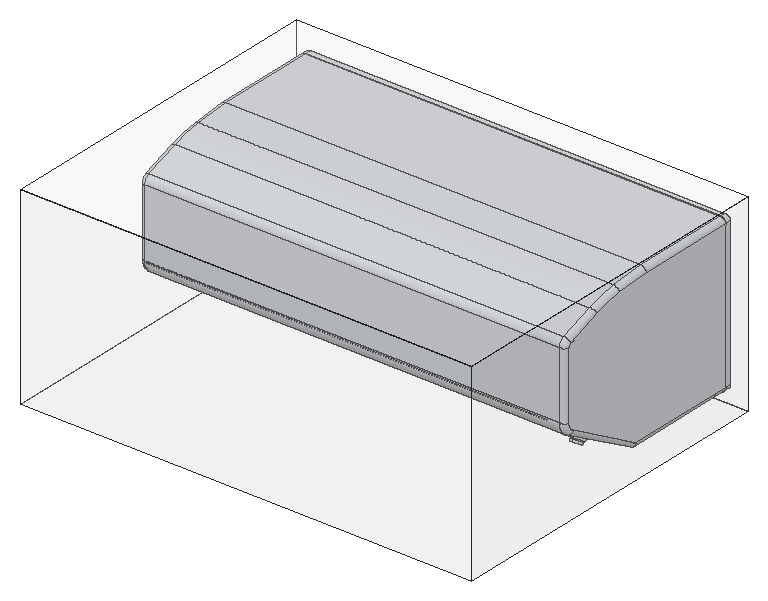
Revit family "msz-zxv22_9026_50hz", category 機械設備, Revit 2023
Family settings
  丸型コネクタ寸法 = 直径を使用
  種別 = なし
  パーツ タイプ = 標準
  OmniClass 番号 = 23.75.10.24.21.27.27
  OmniClass タイトル = Split System Air Conditioning Units
  作業面ベース = いいえ
  常に垂直 = はい
  ロード時にボイドで切り取り = いいえ
  注釈の向きを維持 = いいえ
  共有 = いいえ
  部屋計算ポイント = はい
Parameters (values of type "壁掛_MSZ-ZXV2226-W-IN")
  運転音(静冷房)  db = 34
  運転音(静暖房)  db = 39
  運転音(強暖房)  db = 59
  運転音(強冷房)  db = 58
  運転音(弱暖房)  db = 45
  運転音(弱冷房)  db = 45
  運転音(中暖房)  db = 50
  運転音(中冷房)  db = 50
  風量 = MAX風量  # 710 m³/h
  音響パワーレベル(dB) = if([運転音(強冷房)  db] > [運転音(強暖房)  db], [運転音(強冷房)  db], [運転音(強暖房)  db])  # 59
  電源種別 = ""
  電圧_電気ヒーター = 0 V
  電圧 = 100 V
  電動機出力_送風機 = 28 W
  運転質量 = 0.00 kg
  連動 = ""
  質量 = if(製品質量 > 運転質量, 製品質量, 運転質量) * 1.2  # 19.20 kg
  負荷分類 = 1_熱源類
  説明 = "ルームエアコン(霧ヶ峰) ZXVシリーズ 室内ユニット"
  設計暖房能力 [instance] = 0 kW
  設計冷房能力_顕熱 [instance] = 0 kW
  設計冷房能力 [instance] = 0 kW
  設置方法 = "壁掛 (露出)形"
  記号 [instance] = ""
  製造元 = "三菱電機株式会社"
  製品質量 = 16.00 kg
  製品出荷対象 = "国内"
  製品リリース年月 = ""
  製品グループ = ""
  系統 [instance] = ""
  符号 = "PAC"
  積算_科目 = "1 空気調和設備"
  積算_拾い区分 [instance] = ""
  相_電気ヒーター = 1
  相 = 1
  盤記号 [instance] = ""
  発停方法 = "付属スイッチ"
  特殊仕様 [instance] = ""
  火災停止 = ""
  消費電力_電気ヒーター = 0 W
  消費電力_暖房 = 465 W
  消費電力_冷房 = 425 W
  消費電力 = if(消費電力_冷房 > 消費電力_暖房, 消費電力_冷房, 消費電力_暖房)  # 465 W
  法定耐用年数 = "6"
  極数 = 1
  材質 [instance] = ""
  本体マテリアル = none
  有効加湿量 = 0
  最大電流値 = 0 A
  暖房能力 = 2.5 kW
  暖房 風量 = 710 m³/h
  既定の高さ = 0 mm
  推奨ブレーカー容量 = 15 A
  台数_冷媒分岐ユニット [instance] = ""
  冷房 風量 = 635 m³/h
  冷媒管長 [instance] = 0 mm
  価格 = 0
  形式_加湿器 = ""
  形式 = "壁掛 (露出)形"
  幹線記号 = ""
  室内機 = 室内機 : MSZ-ZXV22*-W-IN
  始動方式 = "直入"
  呼称 = "パッケージ形空気調和機_室内機"
  周波数 = 50 Hz
  台数_手元リモコン = ""
  参照している仕様書等のバージョン = "公共建築工事標準仕様書（機械設備工事編）平成31年度版"
  加湿給水管径 = 0 mm
  分類コード = "50053003123070"
  分類グループ = ""
  冷房能力 = 2.2 kW
  冷媒高低圧ガス管径 = 0 mm
  冷媒管径符号 = "Ab"
  冷媒管径 = 100 mm
  冷媒液管径 = 6.35 mm
  冷媒ガス管径 = 9.52 mm
  企業コード = "108420"
  付属品 [instance] = ""
  仕様書バージョン = "Version1.0"
  モデル = "MSZ-ZXV2226-W-IN"
  ドレン管径 = 16 mm
  サービススペース = yes
  コメント [instance] = ""
  【値が 0 の項目は組合せ形名にてご確認ください】 = ""
  Width = 799 mm
  Version = ""
  Uniclass2015Version = "Systems v1.9"
  Uniclass2015Title = "Split coil remote air cooled condensing units"
  Uniclass2015Code = "Pr_70_65_03_84"
  URL = "https://www.mitsubishielectric.co.jp/ldg/wink/"
  S寸法 = 0 mm
  SpecificationReference = ""
  SpecificationDescription = ""
  Revision = ""
  ProductInformation = ""
  OmniClassCode = "23-33 17 13 11"
  MAX風量 = if(冷房 風量 > 暖房 風量, 冷房 風量, 暖房 風量)  # 710 m³/h
  IfcTypeProduct = ""
  IfcProduct = ""
  IfcExportType = "AIRCONDITIONINGUNIT"
  IfcExportAs = "IfcUnitaryEquipmentType"
  Height = 295 mm
  Depth = 389 mm
  Clearance Top = 39 mm
  Clearance Right = 30 mm
  Clearance Left = 20 mm
  Clearance Front = 256 mm
  Clearance Bottom = 28 mm
  Clearance Back = 0 mm
  COP = 0
  Author = "三菱電機株式会社"
  APF = 0
Types (12, lengths in mm): name | 運転音(静冷房)  db | 運転音(静暖房)  db | 運転音(強暖房)  db | 運転音(強冷房)  db | 運転音(弱暖房)  db | 運転音(弱冷房)  db | 運転音(中暖房)  db | 運転音(中冷房)  db | 風量 | 音響パワーレベル(dB) | 電圧 | 電動機出力_送風機 | 質量 | 製品質量 | 消費電力_暖房 | 消費電力_冷房 | 消費電力 | 暖房能力 | 暖房 風量 | 推奨ブレーカー容量 | 冷房 風量 | 室内機 | 冷房能力 | 冷媒管径符号 | 冷媒ガス管径 | モデル | MAX風量
  壁掛_MSZ-ZXV2226-W-IN | 34 | 39 | 59 | 58 | 45 | 45 | 50 | 50 | 710 m³/h | 59 | 100 V | 28 W | 19.20 kg | 16.00 kg | 465 W | 425 W | 465 W | 2.5 kW | 710 m³/h | 15 A | 635 m³/h | 室内機 : MSZ-ZXV22*-W-IN | 2.2 kW | "Ab" | 9.52 | "MSZ-ZXV2226-W-IN" | 710 m³/h
  壁掛_MSZ-ZXV2526-W-IN | 34 | 39 | 59 | 60 | 45 | 46 | 50 | 51 | 730 m³/h | 60 | 100 V | 28 W | 19.20 kg | 16.00 kg | 525 W | 500 W | 525 W | 2.8 kW | 730 m³/h | 15 A | 635 m³/h | 室内機 : MSZ-ZXV25*-W-IN | 2.5 kW | "Ab" | 9.52 | "MSZ-ZXV2526-W-IN" | 730 m³/h
  壁掛_MSZ-ZXV2826S-W-IN | 34 | 39 | 65 | 62 | 46 | 48 | 52 | 53 | 785 m³/h | 65 | 200 V | 46 W | 19.20 kg | 16.00 kg | 710 W | 580 W | 710 W | 3.6 kW | 785 m³/h | 15 A | 655 m³/h | 室内機 : MSZ-ZXV28*-W-IN | 2.8 kW | "Ab" | 9.52 | "MSZ-ZXV2826S-W-IN" | 785 m³/h
  壁掛_MSZ-ZXV2826-W-IN | 34 | 39 | 65 | 62 | 46 | 48 | 52 | 53 | 785 m³/h | 65 | 100 V | 28 W | 19.20 kg | 16.00 kg | 710 W | 580 W | 710 W | 3.6 kW | 785 m³/h | 20 A | 655 m³/h | 室内機 : MSZ-ZXV28*-W-IN | 2.8 kW | "Ab" | 9.52 | "MSZ-ZXV2826-W-IN" | 785 m³/h
  壁掛_MSZ-ZXV3626-W-IN | 36 | 42 | 65 | 63 | 48 | 50 | 54 | 55 | 815 m³/h | 65 | 100 V | 28 W | 20.40 kg | 17.00 kg | 910 W | 820 W | 910 W | 4.2 kW | 815 m³/h | 20 A | 680 m³/h | 室内機 : MSZ-ZXV36*-W-IN | 3.6 kW | "Ab" | 9.52 | "MSZ-ZXV3626-W-IN" | 815 m³/h
  壁掛_MSZ-ZXV3626S-W-IN | 36 | 42 | 65 | 63 | 48 | 50 | 54 | 55 | 815 m³/h | 65 | 200 V | 46 W | 20.40 kg | 17.00 kg | 910 W | 820 W | 910 W | 4.2 kW | 815 m³/h | 15 A | 680 m³/h | 室内機 : MSZ-ZXV36*S-W-IN | 3.6 kW | "Ab" | 9.52 | "MSZ-ZXV3626S-W-IN" | 815 m³/h
  壁掛_MSZ-ZXV4026S-W-IN | 36 | 44 | 69 | 66 | 50 | 50 | 55 | 55 | 960 m³/h | 69 | 200 V | 46 W | 20.40 kg | 17.00 kg | 990 W | 960 W | 990 W | 5 kW | 960 m³/h | 20 A | 700 m³/h | 室内機 : MSZ-ZXV40*S-W-IN | 4 kW | "Ab" | 9.52 | "MSZ-ZXV4026S-W-IN" | 960 m³/h
  壁掛_MSZ-ZXV5626S-W-IN | 44 | 46 | 71 | 67 | 51 | 51 | 56 | 56 | 1010 m³/h | 71 | 200 V | 46 W | 20.40 kg | 17.00 kg | 1580 W | 1720 W | 1720 W | 6.7 kW | 1010 m³/h | 20 A | 830 m³/h | 室内機 : MSZ-ZXV56*S-W-IN | 5.6 kW | "Ab" | 9.52 | "MSZ-ZXV5626S-W-IN" | 1010 m³/h
  壁掛_MSZ-ZXV6326S-W-IN | 44 | 47 | 71 | 69 | 52 | 52 | 57 | 57 | 1010 m³/h | 71 | 200 V | 46 W | 21.60 kg | 18.00 kg | 1800 W | 1980 W | 1980 W | 7.1 kW | 1010 m³/h | 20 A | 870 m³/h | 室内機 : MSZ-ZXV63*S-W-IN | 6.3 kW | "Ac" | 12.7 | "MSZ-ZXV6326S-W-IN" | 1010 m³/h
  壁掛_MSZ-ZXV7126S-W-IN | 44 | 47 | 72 | 71 | 52 | 52 | 57 | 57 | 1045 m³/h | 72 | 200 V | 46 W | 22.80 kg | 19.00 kg | 2220 W | 2380 W | 2380 W | 8.5 kW | 1045 m³/h | 20 A | 860 m³/h | 室内機 : MSZ-ZXV71*S-W-IN | 7.1 kW | "Ac" | 12.7 | "MSZ-ZXV7126S-W-IN" | 1045 m³/h
  壁掛_MSZ-ZXV8026S-W-IN | 44 | 47 | 72 | 72 | 52 | 52 | 57 | 57 | 1045 m³/h | 72 | 200 V | 46 W | 22.80 kg | 19.00 kg | 2640 W | 2890 W | 2890 W | 9.5 kW | 1045 m³/h | 20 A | 860 m³/h | 室内機 : MSZ-ZXV80*S-W-IN | 8 kW | "Ac" | 12.7 | "MSZ-ZXV8026S-W-IN" | 1045 m³/h
  壁掛_MSZ-ZXV9026S-W-IN | 46 | 47 | 73 | 73 | 52 | 52 | 57 | 57 | 1085 m³/h | 73 | 200 V | 98 W | 22.80 kg | 19.00 kg | 3200 W | 3200 W | 3200 W | 10.6 kW | 1085 m³/h | 20 A | 960 m³/h | 室内機 : MSZ-ZXV90*S-W-IN | 9 kW | "Ac" | 12.7 | "MSZ-ZXV9026S-W-IN" | 1085 m³/h
Reference planes
  plane 1 "中心(正面/背面)": y = 0
  plane 2: z = 0
  plane 3 "中心(左/右)": x = 0
  plane 4: y = -650
  plane 5: x = -399.5
  plane 6: x = 399.5
  plane 7: x = 429.5
  plane 8: z = 0
  plane 9: z = 39
  plane 10: x = -419.5
  plane 11: z = -253
  plane 12: x = 332
  plane 13: z = -323
  plane 14: y = -199.5
  plane 15: y = -394
  plane 16: y = -5
  plane 17: z = -254
  plane 18: z = -295
  plane 19: y = 0
  plane 20: z = -284
  plane 21: z = -273
  plane 22: z = -385
  plane 23: x = 332
  plane 24: z = -214
Forms (mm)
  Extrusion 1, solid, detail levels fine
    sketch origin (-695, 194.999, 0) x (1, 0, 0) y (0, 0, 1)
      loop
        circle (1027, -253) r 10
    from 199.999 to 217.5
  Extrusion 2, solid, detail levels fine
    sketch origin (-695, 210.625, -30) x (1, 0, 0) y (0, 0, 1)
      loop
        circle (1027, -243) r 5
    from 215.625 to 220.625
Lines and regions (mm)
  Masking region 1, detail levels coarse+medium
    outline origin (0, 0, 0) x (1, 0, 0) y (0, 1, 0)
      loop
        line (399.5, 0) -> (-399.5, 0) -> (-399.5, -394) -> (399.5, -394) -> (399.5, 0)
Dimensions and locks
  equal spacing: plane 5, plane 3 "中心(左/右)", plane 6
  "Clearance Right": plane 6 to plane 7
  "Clearance Top": plane 9 to plane 8
  "Width": plane 5 to plane 6
  "Clearance Left": plane 10 to plane 5
  equal spacing: plane 15, plane 14, plane 16
  "Depth": plane 15 to plane 16
  "Clearance Front": plane 4 to plane 15
  nested 1 to plane 15 = 389 mm
  "Clearance Bottom": plane 18 to plane 13
  "Height": plane 8 to plane 18
  locked: plane 18 to plane 11 at 42
  locked: plane 18 to plane 17 at 41
  "Clearance Back": plane 1 "中心(正面/背面)" to plane 19
  locked: plane 20 to plane 17 at 30
  locked: plane 21 to plane 11 at 20
  plane 16 to plane 19 = 5 mm
  plane 4 to plane 19 = 650 mm
  plane 19 to plane 16 = 5 mm
  aligned and locked: plane 2 to level
  aligned and locked: plane 8 to nested 1  (x2)
  aligned and locked: nested 1 to plane 18  (x2)
  aligned and locked: level to plane 8
  aligned and locked: plane 9 to nested 2
  aligned and locked: plane 13 to nested 2
  aligned and locked: Masking region 1 sketch curve to plane 5
  aligned and locked: plane 15 to Masking region 1 sketch curve
  aligned and locked: Masking region 1 sketch curve to plane 19
  aligned and locked: plane 6 to Masking region 1 sketch curve
  aligned and locked: plane 16 to nested 1
  aligned and locked: plane 1 "中心(正面/背面)" to nested 2
  aligned and locked: plane 10 to nested 2
  aligned and locked: plane 7 to nested 2
  aligned and locked: plane 4 to nested 2
  aligned and locked: nested 1 to Extrusion 1
  aligned and locked: nested 1 to Extrusion 2
Automatic sketch dimensions
  Extrusion 1 sketch curve to plane 11 = 0 mm
  Extrusion 1 sketch curve to plane 12 = 0 mm
  Extrusion 2 sketch curve to plane 12 = 0 mm
  Extrusion 2 sketch curve to plane 21 = 0 mm
  radius of Extrusion 1 sketch curve = 10 mm
  radius of Extrusion 2 sketch curve = 5 mm
Nested families
  nested 1: "室内機" at (0, 0, -295), type <- "室内機", type "MSZ-ZXV22*-W-IN", detail levels fine
  nested 2: "サービススペース" at (5, -325, -142), visible <- "サービススペース", type "サービススペース"
    with Width 849 mm, Height 362 mm, Depth 650 mm
Connectors
  piping at (332, -5, -253), diameter 100, driven by "冷媒管径", driven by "冷媒管径符号"
    settings: on Extrusion 1, index 7, connector inside diameter 609.6 mm, connector length 0 mm, flow factor 0, pipe flow 0.0 L/s, pressure drop 0.0 Pa, fitting loss kfactor 0, connector angle 0.00°, fixture units 0, engagement length 0 mm, angle of deflection 0.00°, flow configuration 1, flow direction 1, fitting loss method 4, system type 7, joint type 0, gender type 0, connector reference index -1, connector utility 0, adjustable connector no, is connector primary yes, connector description "Ab"
  piping at (332, -5, -273), diameter 16, driven by "ドレン管径"
    settings: on Extrusion 2, index 8, connector inside diameter 609.6 mm, connector length 0 mm, flow factor 0, pipe flow 0.0 L/s, pressure drop 0.0 Pa, fitting loss kfactor 0, connector angle 0.00°, fixture units 0, engagement length 0 mm, angle of deflection 0.00°, flow configuration 1, flow direction 2, fitting loss method 4, system type 16, joint type 0, gender type 0, connector reference index -1, connector utility 0, adjustable connector no, is connector primary no, connector description ""
  electrical at (0, -5, -147.5), driven by "負荷分類", driven by "電圧", driven by "消費電力"
    settings: on nested 1, index 10, voltage 100 V, apparent load 465 VA, apparent load phase1 0 VA, apparent load phase2 0 VA, apparent load phase3 0 VA, power factor 1, load classification "1_熱源類", number of poles 1, system type 30, power factor state 1, is connector primary yes, connector utility no, sub classification motor no, connector description ""
Definition of nested family "室内機"
  Parameters (values of type "MSZ-ZXV9023S-W-IN")
    Default Elevation = 0 mm
    Width = 799 mm
    Height = 295 mm
    Depth = 394 mm
  Types (12): name
    MSZ-ZXV9023S-W-IN
    MSZ-ZXV8023S-W-IN
    MSZ-ZXV7123S-W-IN
    MSZ-ZXV6323S-W-IN
    MSZ-ZXV5623S-W-IN
    MSZ-ZXV4023S-W-IN
    MSZ-ZXV3623S-W-IN
    MSZ-ZXV3623-W-IN
    MSZ-ZXV2823S-W-IN
    MSZ-ZXV2823-W-IN
    MSZ-ZXV2523-W-IN
    MSZ-ZXV2223-W-IN
  Reference planes
    plane 1 "中心(正面/背面)": y = 0
    plane 2: z = 0
    plane 3 "中心(左/右)": x = 0
    plane 4: y = -5
    plane 5: x = 399.5
    plane 6: x = -399.5
    plane 7: y = -394
    plane 8: z = 295
    plane 9: x = 379.5
    plane 10: y = -385
    plane 11: y = -394
    plane 12: z = 42
    plane 13: z = 295
    plane 14: z = 273
    plane 15: x = 352
    plane 16: x = -352
    plane 17: x = 399
    plane 18: x = 335
    plane 19: z = 253
    plane 20: x = 225
    plane 21: x = -225
    plane 22: x = 280
    plane 23: x = 155
    plane 24: z = 263
    plane 25: z = 243
  Forms (mm)
    Extrusion 1, solid
      sketch origin (0, 4, 0) x (0, 1, 0) y (0, 0, 1)
        loop
          line (-20, 284.987) -> (-212.516, 284.987) -> (-267.726, 279.494)
          arc (-267.726, 279.494) -> (-294.837, 275.073) -> (-321.185, 267.308) r 219.987
          line (-321.185, 267.308) -> (-384.718, 244.184)
          arc (-384.718, 244.184) -> (-387.098, 242.358) -> (-388, 239.497) r 4.987
          line (-388, 239.497) -> (-388, 112.321)
          arc (-388, 112.321) -> (-385.322, 102.327) -> (-378.006, 95.011) r 19.987
          line (-378.006, 95.011) -> (-230.785, 10.013) -> (-20, 10.013) -> (-20, 284.987)
      from -399.5 to 399.5
    Sweep 2, solid
      path origin (390, 4, 0) x (0, 1, 0) y (0, 0, 1)
        loop
          line (-20, 295) -> (-208.013, 295) -> (-270.599, 288.772)
          arc (-270.599, 288.772) -> (-298.943, 284.15) -> (-326.49, 276.032) r 230
          line (-326.49, 276.032) -> (-388.143, 253.592)
          arc (-388.143, 253.592) -> (-395.3, 248.101) -> (-398.013, 239.497) r 15
          line (-398.013, 239.497) -> (-398.013, 112.321)
          arc (-398.013, 112.321) -> (-393.993, 97.321) -> (-383.013, 86.34) r 30
          line (-383.013, 86.34) -> (-233.468, 0) -> (-20, 0)
      profile origin (390, -110.006, 295) x (0, 0, -1) y (1, 0, 0)
        loop
          arc (10.013, 9.5) -> (3.113, 6.75) -> (0.013, 0) r 10
          line (0.013, 0) -> (0.013, -780)
          arc (0.013, -780) -> (3.113, -786.75) -> (10.013, -789.5) r 10
          line (10.013, -789.5) -> (10.013, 9.5)
    Extrusion 3, solid
      sketch origin (0, 0, 0) x (1, 0, 0) y (0, 0, 1)
        loop
          line (-399.5, 285) -> (-399.5, 10)
          arc (-399.5, 10) -> (-396.746, 3.108) -> (-390, 0.013) r 10
          line (-390, 0.013) -> (390, 0.013)
          arc (390, 0.013) -> (396.746, 3.108) -> (399.5, 10) r 10
          line (399.5, 10) -> (399.5, 285)
          arc (399.5, 285) -> (396.746, 291.892) -> (390, 294.987) r 10
          line (390, 294.987) -> (-390, 294.987)
          arc (-390, 294.987) -> (-396.746, 291.892) -> (-399.5, 285) r 10
      from 16 to 5
    Revolve 4, solid
      sketch origin (367, -58.632, -153.367) x (0, 0.866025, -0.5) y (0, 0.5, 0.866025)
        loop
          line (-330.479, 56.396) -> (-330.479, 42.304) -> (-323.593, 42.304) -> (-323.593, 35.722) -> (-320.593, 35.722) -> (-320.593, 40.304)
          arc (-320.593, 40.304) -> (-320.007, 41.718) -> (-318.593, 42.304) r 2
          line (-318.593, 42.304) -> (-317.593, 42.304) -> (-317.593, 56.396) -> (-330.479, 56.396)
        axis (-330.479, 35.722) -> (-330.479, 56.396)
      angle from 0 to 360
    Extrusion 5, void
      sketch origin (0, -129.013, 230.692) x (1, 0, 0) y (0, -0.866025, 0.5)
        loop
          line (-383, 2) -> (-8.5, 2) -> (-8.5, 52) -> (-383, 52) -> (-383, 2)
        loop
          line (-385, 54) -> (-385, 0) -> (385, 0) -> (385, 54) -> (-385, 54)
        loop
          line (383, 2) -> (383, 52) -> (-6.5, 52) -> (-6.5, 2) -> (383, 2)
      from 250 to 244.836
    Extrusion 6, solid
      sketch origin (0, 0, 0) x (1, 0, 0) y (0, 0, 1)
        loop
          line (-285, 0) -> (285, 0) -> (285, 70)
          arc (285, 70) -> (292.322, 87.678) -> (310, 95) r 25
          arc (310, 95) -> (327.678, 102.322) -> (335, 120) r 25
          line (335, 120) -> (335, 273) -> (295, 273) -> (295, 278)
          arc (295, 278) -> (293.536, 281.536) -> (290, 283) r 5
          line (290, 283) -> (270, 283)
          arc (270, 283) -> (266.464, 281.536) -> (265, 278) r 5
          line (265, 278) -> (265, 273) -> (119.535, 273) -> (70.033, 253) -> (24.949, 253) -> (10, 290) -> (0, 290) -> (-10, 290) -> (-24.949, 253) -> (-105.033, 253) -> (-154.535, 273) -> (-265, 273) -> (-265, 278)
          arc (-265, 278) -> (-266.464, 281.536) -> (-270, 283) r 5
          line (-270, 283) -> (-290, 283)
          arc (-290, 283) -> (-293.536, 281.536) -> (-295, 278) r 5
          line (-295, 278) -> (-295, 273) -> (-335, 273) -> (-335, 120)
          arc (-335, 120) -> (-327.678, 102.322) -> (-310, 95) r 25
          arc (-310, 95) -> (-292.322, 87.678) -> (-285, 70) r 25
          line (-285, 70) -> (-285, 0)
        loop
          line (230.5, 248.5) -> (230.5, 257.5)
          arc (230.5, 257.5) -> (225, 263) -> (219.5, 257.5) r 5.5
          line (219.5, 257.5) -> (219.5, 248.5)
          arc (219.5, 248.5) -> (225, 243) -> (230.5, 248.5) r 5.5
        loop
          arc (-220.5, 247.5) -> (-215, 253) -> (-220.5, 258.5) r 5.5
          line (-220.5, 258.5) -> (-229.5, 258.5)
          arc (-229.5, 258.5) -> (-235, 253) -> (-229.5, 247.5) r 5.5
          line (-229.5, 247.5) -> (-220.5, 247.5)
        loop
          line (-105, 10) -> (105, 10)
          arc (105, 10) -> (155, 60) -> (105, 110) r 50
          line (105, 110) -> (-105, 110)
          arc (-105, 110) -> (-155, 60) -> (-105, 10) r 50
        loop
          line (305, 243) -> (255, 243) -> (255, 188) -> (261.875, 188)
          arc (261.875, 188) -> (265.887, 200.215) -> (267.245, 213) r 60.879
          line (267.245, 213) -> (292.755, 213)
          arc (292.755, 213) -> (294.113, 200.215) -> (298.125, 188) r 60.879
          line (298.125, 188) -> (305, 188) -> (305, 243)
        loop
          line (-305, 243) -> (-305, 188) -> (-298.125, 188)
          arc (-298.125, 188) -> (-294.113, 200.215) -> (-292.755, 213) r 60.879
          line (-292.755, 213) -> (-267.245, 213)
          arc (-267.245, 213) -> (-265.887, 200.215) -> (-261.875, 188) r 60.879
          line (-261.875, 188) -> (-255, 188) -> (-255, 243) -> (-305, 243)
      from 0 to 5
  Cuts and joins
    Extrusion 5 cuts Extrusion 1
    Extrusion 5 cuts Sweep 2
    joined: Sweep 2, Revolve 4
    Extrusion 5 cuts Extrusion 3
  Lines and regions (mm)
    model lines
      curve 1: line (-349.5, -121, 294.987) -> (-349.5, -181, 294.987)
      curve 2: line (-349.5, -189.013, 294.987) -> (349.5, -189.013, 294.987)
      curve 3: line (-349.5, -131, 294.987) -> (349.5, -131, 294.987)
      curve 4: line (349.5, -121, 294.987) -> (349.5, -181, 294.987)
      curve 5: line (-249.643, -121, 294.987) -> (-249.643, -181, 294.987)
      curve 6: line (-149.786, -121, 294.987) -> (-149.786, -181, 294.987)
      curve 7: line (-49.929, -121, 294.987) -> (-49.929, -181, 294.987)
      curve 8: line (49.929, -121, 294.987) -> (49.929, -181, 294.987)
      curve 9: line (149.786, -121, 294.987) -> (149.786, -181, 294.987)
      curve 10: line (249.643, -121, 294.987) -> (249.643, -181, 294.987)
      curve 11: line (-349.5, -151, 294.987) -> (349.5, -151, 294.987)
      curve 12: line (-349.5, -179.013, 294.987) -> (349.5, -179.013, 294.987)
      curve 13: line (-349.5, -161, 294.987) -> (349.5, -161, 294.987)
      curve 14: line (-349.5, -141, 294.987) -> (349.5, -141, 294.987)
      curve 15: line (-349.5, -121, 294.987) -> (349.5, -121, 294.987)
      curve 16: line (-349.5, -46, 294.987) -> (-349.5, -106, 294.987)
      curve 17: line (-349.5, -106, 294.987) -> (349.5, -106, 294.987)
      curve 18: line (-349.5, -56, 294.987) -> (349.5, -56, 294.987)
      curve 19: line (349.5, -46, 294.987) -> (349.5, -106, 294.987)
      curve 20: line (-249.643, -46, 294.987) -> (-249.643, -106, 294.987)
      curve 21: line (-149.786, -46, 294.987) -> (-149.786, -106, 294.987)
      curve 22: line (-49.929, -46, 294.987) -> (-49.929, -106, 294.987)
      curve 23: line (49.929, -46, 294.987) -> (49.929, -106, 294.987)
      curve 24: line (149.786, -46, 294.987) -> (149.786, -106, 294.987)
      curve 25: line (249.643, -46, 294.987) -> (249.643, -106, 294.987)
      curve 26: line (-349.5, -76, 294.987) -> (349.5, -76, 294.987)
      curve 27: line (-349.5, -96, 294.987) -> (349.5, -96, 294.987)
      curve 28: line (-349.5, -86, 294.987) -> (349.5, -86, 294.987)
      curve 29: line (-349.5, -66, 294.987) -> (349.5, -66, 294.987)
      curve 30: line (-349.5, -46, 294.987) -> (349.5, -46, 294.987)
  Dimensions and locks
    equal spacing: plane 6, plane 3 "中心(左/右)", plane 5
    "Width": plane 6 to plane 5
    "Depth": plane 7 to plane 1 "中心(正面/背面)"
    "Height": plane 8 to level
    plane 6 to curve 1 = 50 mm
    locked: plane 4 to plane 1 "中心(正面/背面)" at 5
    cut or joined group of Extrusion 3, Extrusion 5 to plane 7 = 389 mm
    cut or joined group of Extrusion 3, Extrusion 5 to plane 11 = 389 mm
    plane 7 to cut or joined group of Extrusion 3, Extrusion 5 = 389 mm
    plane 13 to plane 12 = 253 mm
    plane 13 to plane 14 = 22 mm
    plane 18 to plane 17 = 64 mm
    plane 17 to plane 15 = 47 mm
    plane 19 to plane 12 = 211 mm
    plane 14 to plane 12 = 231 mm
    plane 19 to Extrusion 6 sketch curve = 65 mm
    plane 24 to plane 25 = 20 mm
    aligned and locked: level to plane 2
    aligned and locked: Extrusion 3 to Extrusion 1
    aligned and locked: cut or joined group of Extrusion 3, Extrusion 5 to plane 4
    aligned and locked: plane 4 to cut or joined group of Extrusion 3, Extrusion 5
    aligned and locked: plane 7 to cut or joined group of Sweep 2, Revolve 4, Extrusion 5
    aligned and locked: Extrusion 6 to plane 1 "中心(正面/背面)"
    aligned and locked: plane 4 to Extrusion 6
  Automatic sketch dimensions
    Extrusion 3 sketch curve to plane 6 = 0 mm
    Extrusion 3 sketch curve to plane 5 = 0 mm
    Extrusion 3 sketch curve to plane 8 = 0.013 mm
    plane 6 to Extrusion 3 sketch curve = 9.5 mm  (x2)
    level to Extrusion 3 sketch curve = 0.013 mm
    level to Extrusion 3 sketch curve = 10 mm
    Extrusion 3 sketch curve to Extrusion 3 sketch curve = 0.5 mm
    Extrusion 3 sketch curve to plane 5 = 10 mm  (x2)
    Extrusion 3 sketch curve to plane 5 = 9.5 mm  (x2)
    level to Revolve 4 sketch curve = 60.713 mm
    Revolve 4 sketch curve to plane 7 = 77.363 mm
    Revolve 4 sketch curve to Revolve 4 sketch curve = 6.886 mm
    Revolve 4 sketch curve to Revolve 4 sketch curve = 3 mm
    Revolve 4 sketch curve to Revolve 4 sketch curve = 2 mm
    Revolve 4 sketch curve to Revolve 4 sketch curve = 12.886 mm
    Revolve 4 sketch curve to Revolve 4 sketch curve = 14.091 mm
    Revolve 4 sketch curve to Revolve 4 sketch curve = 0 mm  (x2)
    Revolve 4 sketch curve to Revolve 4 sketch curve = 4.583 mm
    Revolve 4 sketch curve to Revolve 4 sketch curve = 6.134 mm
    Revolve 4 sketch curve to Revolve 4 sketch curve = 3.815 mm
    plane 6 to Extrusion 5 sketch curve = 14.5 mm
    Extrusion 5 sketch curve to Extrusion 5 sketch curve = 2 mm  (x5)
    Extrusion 5 sketch curve to plane 3 "中心(左/右)" = 8.5 mm
    plane 9 to Extrusion 5 sketch curve = 3.5 mm
    Extrusion 5 sketch curve to Extrusion 5 sketch curve = 0 mm
    Extrusion 5 sketch curve to Extrusion 5 sketch curve = 50 mm  (x2)
    curve 1 to curve 1 = 60 mm  (x2)
    Extrusion 1 sketch curve to plane 7 = 10 mm
    Extrusion 1 sketch curve to Extrusion 1 sketch curve = 3.282 mm
    Extrusion 1 sketch curve to Extrusion 1 sketch curve = 1.706 mm
    Extrusion 1 sketch curve to Extrusion 1 sketch curve = 9.994 mm  (x2)
    Extrusion 1 sketch curve to plane 8 = 27.692 mm
    Extrusion 1 sketch curve to Extrusion 1 sketch curve = 63.534 mm
    Extrusion 1 sketch curve to plane 8 = 15.506 mm
    Extrusion 1 sketch curve to Extrusion 1 sketch curve = 53.458 mm
    level to Extrusion 1 sketch curve = 60.587 mm
    level to Extrusion 1 sketch curve = 10.013 mm
    Extrusion 1 sketch curve to Extrusion 1 sketch curve = 15.16 mm
    Extrusion 1 sketch curve to plane 8 = 10.013 mm
    Extrusion 1 sketch curve to Extrusion 1 sketch curve = 55.211 mm
    plane 4 to Extrusion 1 sketch curve = 11 mm
    level to Extrusion 1 sketch curve = 95.011 mm
    Extrusion 1 sketch curve to plane 8 = 55.503 mm
    plane 7 to Sweep 2 sketch curve = 0.013 mm
    Sweep 2 sketch curve to level = 0 mm
    Sweep 2 sketch curve to plane 8 = 0 mm
    Sweep 2 sketch curve to plane 7 = 9.857 mm
    Sweep 2 sketch curve to plane 7 = 14.987 mm  (x2)
    Sweep 2 sketch curve to plane 7 = 29.987 mm
    Sweep 2 sketch curve to plane 8 = 18.968 mm
    Sweep 2 sketch curve to Sweep 2 sketch curve = 61.652 mm
    Sweep 2 sketch curve to plane 8 = 6.228 mm
    Sweep 2 sketch curve to Sweep 2 sketch curve = 55.891 mm
    level to Sweep 2 sketch curve = 59.903 mm
    Sweep 2 sketch curve to Sweep 2 sketch curve = 14.358 mm
    Sweep 2 sketch curve to Sweep 2 sketch curve = 62.587 mm
    level to Sweep 2 sketch curve = 86.34 mm
    Sweep 2 sketch curve to plane 8 = 55.503 mm
    plane 4 to Sweep 2 sketch curve = 11 mm  (x2)
    Sweep 2 sketch curve to profile plane = 0 mm
    Sweep 2 sketch curve to profile plane = 0.013 mm
    Sweep 2 sketch curve to profile plane = 10 mm  (x2)
    Sweep 2 sketch curve to profile plane = 0.5 mm
    profile plane to Sweep 2 sketch curve = 9.5 mm
    Sweep 2 sketch curve to Sweep 2 sketch curve = 779 mm
    Sweep 2 sketch curve to Sweep 2 sketch curve = 0.5 mm
    Sweep 2 to curve 30 = 30 mm
    curve 2 to Sweep 2 = 14.999 mm
    Sweep 2 to curve 2 = 40.5 mm
    curve 30 to curve 18 = 10 mm
    curve 18 to curve 29 = 10 mm
    curve 29 to curve 26 = 10 mm
    curve 26 to curve 28 = 10 mm
    curve 28 to curve 27 = 10 mm
    curve 27 to curve 15 = 25 mm
    curve 17 to curve 15 = 15 mm
    curve 17 to curve 3 = 25 mm
    curve 3 to curve 14 = 10 mm
    curve 14 to curve 11 = 10 mm
    curve 11 to curve 13 = 10 mm
    curve 12 to curve 2 = 10 mm
    Sweep 2 to curve 30 = 40.5 mm
    Sweep 2 to curve 3 = 40.5 mm
    curve 29 to curve 30 = 0 mm
    curve 11 to curve 3 = 0 mm
    curve 28 to curve 29 = 0 mm
    curve 12 to curve 2 = 0 mm
    curve 27 to curve 28 = 0 mm
    curve 13 to curve 11 = 0 mm
    curve 26 to curve 28 = 0 mm
    curve 14 to curve 3 = 0 mm
    curve 18 to curve 29 = 0 mm
    curve 15 to curve 27 = 0 mm
    curve 17 to curve 15 = 0 mm  (x2)
    Sweep 2 to curve 15 = 40.5 mm
    curve 14 to curve 17 = 0 mm
    Sweep 2 to curve 18 = 40.5 mm
    curve 13 to curve 14 = 0 mm
    curve 26 to curve 18 = 0 mm
    curve 12 to curve 13 = 0 mm
    curve 27 to curve 15 = 0 mm
    curve 11 to curve 13 = 0 mm
    curve 28 to curve 26 = 0 mm
    curve 3 to curve 17 = 0 mm
    curve 29 to curve 18 = 0 mm
    curve 2 to curve 12 = 0 mm
    curve 30 to curve 18 = 0 mm
    curve 19 to plane 9 = 30 mm
    plane 4 to curve 16 = 41 mm
    curve 4 to curve 19 = 0 mm
    curve 19 to curve 25 = 99.857 mm
    curve 10 to curve 25 = 0 mm
    plane 4 to curve 24 = 41 mm
    curve 25 to curve 24 = 99.857 mm
    curve 9 to curve 24 = 0 mm
    plane 3 "中心(左/右)" to curve 8 = 49.929 mm
    plane 3 "中心(左/右)" to curve 23 = 49.929 mm
    curve 7 to plane 3 "中心(左/右)" = 49.929 mm
    curve 22 to plane 3 "中心(左/右)" = 49.929 mm
    curve 7 to curve 6 = 99.857 mm
    curve 21 to curve 6 = 0 mm
    plane 4 to curve 20 = 41 mm
    curve 21 to curve 20 = 99.857 mm
    curve 5 to curve 20 = 0 mm
    plane 6 to curve 16 = 50 mm
    plane 6 to curve 1 = 50 mm
    plane 4 to curve 25 = 41 mm
    plane 4 to curve 21 = 41 mm
    plane 4 to curve 23 = 41 mm
    plane 4 to curve 22 = 41 mm
    plane 4 to curve 19 = 41 mm
    curve 23 to curve 23 = 60 mm
    curve 20 to curve 20 = 60 mm
    curve 24 to curve 24 = 60 mm
    curve 19 to curve 19 = 60 mm
    curve 21 to curve 21 = 60 mm
    curve 22 to curve 22 = 60 mm
    curve 16 to curve 16 = 60 mm
    curve 25 to curve 25 = 60 mm
    curve 16 to curve 1 = 15 mm
    curve 25 to curve 10 = 15 mm
    curve 20 to curve 5 = 15 mm
    curve 24 to curve 9 = 15 mm
    curve 21 to curve 6 = 15 mm
    curve 23 to curve 8 = 15 mm
    curve 22 to curve 7 = 15 mm
    curve 19 to curve 4 = 15 mm
    curve 8 to curve 8 = 60 mm
    curve 5 to curve 5 = 60 mm
    curve 9 to curve 9 = 60 mm
    curve 4 to curve 4 = 60 mm
    curve 6 to curve 6 = 60 mm
    curve 7 to curve 7 = 60 mm
    curve 10 to curve 10 = 60 mm
    Extrusion 6 sketch curve to plane 14 = 0 mm  (x4)
    Extrusion 6 sketch curve to plane 25 = 0 mm  (x2)
    Extrusion 6 sketch curve to level = 0 mm
    Extrusion 6 sketch curve to plane 19 = 0 mm  (x3)
    Extrusion 6 sketch curve to plane 3 "中心(左/右)" = 0 mm
    Extrusion 6 sketch curve to plane 20 = 0 mm
    plane 18 to Extrusion 6 sketch curve = 0 mm
    Extrusion 6 sketch curve to plane 16 = 1.635 mm
    plane 16 to Extrusion 6 sketch curve = 17 mm
    Extrusion 6 sketch curve to Extrusion 6 sketch curve = 25 mm  (x3)
    Extrusion 6 sketch curve to Extrusion 6 sketch curve = 30 mm
    Extrusion 6 sketch curve to Extrusion 6 sketch curve = 6.875 mm  (x3)
    plane 14 to Extrusion 6 sketch curve = 5 mm  (x3)
    Extrusion 6 sketch curve to Extrusion 6 sketch curve = 10 mm
    Extrusion 6 sketch curve to Extrusion 6 sketch curve = 5.37 mm  (x3)
    Extrusion 6 sketch curve to Extrusion 6 sketch curve = 5 mm  (x3)
    plane 21 to Extrusion 6 sketch curve = 60 mm
    Extrusion 6 sketch curve to Extrusion 6 sketch curve = 20 mm
    Extrusion 6 sketch curve to Extrusion 6 sketch curve = 25.51 mm
    plane 21 to Extrusion 6 sketch curve = 30 mm
    plane 21 to Extrusion 6 sketch curve = 4.5 mm
    Extrusion 6 sketch curve to plane 21 = 4.5 mm
    Extrusion 6 sketch curve to plane 21 = 18.635 mm
    Extrusion 6 sketch curve to Extrusion 6 sketch curve = 65.965 mm
    Extrusion 6 sketch curve to Extrusion 6 sketch curve = 49.502 mm
    plane 12 to Extrusion 6 sketch curve = 18 mm
    Extrusion 6 sketch curve to plane 3 "中心(左/右)" = 105 mm
    Extrusion 6 sketch curve to plane 3 "中心(左/右)" = 24.949 mm
    Extrusion 6 sketch curve to plane 3 "中心(左/右)" = 10 mm
    plane 3 "中心(左/右)" to Extrusion 6 sketch curve = 10 mm
    plane 3 "中心(左/右)" to Extrusion 6 sketch curve = 24.949 mm
    Extrusion 6 sketch curve to Extrusion 6 sketch curve = 45.084 mm
    Extrusion 6 sketch curve to plane 23 = 50 mm
    Extrusion 6 sketch curve to plane 23 = 35.465 mm
    Extrusion 6 sketch curve to plane 20 = 18.635 mm
    plane 22 to Extrusion 6 sketch curve = 25 mm
    plane 22 to Extrusion 6 sketch curve = 15 mm
    plane 22 to Extrusion 6 sketch curve = 12.755 mm
    Extrusion 6 sketch curve to plane 22 = 5 mm
    Extrusion 6 sketch curve to plane 22 = 10 mm
    Extrusion 6 sketch curve to plane 22 = 12.755 mm
    plane 18 to Extrusion 6 sketch curve = 25 mm
    plane 15 to Extrusion 6 sketch curve = 1.635 mm
    level to Extrusion 6 sketch curve = 10 mm
    plane 12 to Extrusion 6 sketch curve = 28 mm  (x2)
    Extrusion 6 sketch curve to plane 25 = 55 mm
    plane 25 to Extrusion 6 sketch curve = 4.5 mm
    Extrusion 6 sketch curve to plane 19 = 4.5 mm
    plane 19 to Extrusion 6 sketch curve = 4.5 mm
    Extrusion 6 sketch curve to plane 8 = 5 mm
    Extrusion 6 sketch curve to plane 20 = 5.5 mm
Definition of nested family "サービススペース"
  Parameters (values of type "サービススペース")
    Default Elevation = 0 mm
    Width [instance] = 500 mm
    Height [instance] = 500 mm
    Depth [instance] = 500 mm
  Reference planes
    plane 1 "中心(正面/背面)": y = 0
    plane 2: z = 0
    plane 3 "中心(左/右)": x = 0
    plane 4: y = -250
    plane 5: x = 250
    plane 6: y = 250
    plane 7: x = -250
    plane 8: z = 250
    plane 9: z = -250
  Forms (mm)
    Extrusion 1, solid
      sketch origin (-638.939, 0, 72.39) x (1, 0, 0) y (0, 1, 0)
        loop
          line (388.939, 250) -> (388.939, -250) -> (888.939, -250) -> (888.939, 250) -> (388.939, 250)
      from -322.39 to 177.61
  Lines and regions (mm)
    symbolic lines
      curve 1: line (-250, 0, 250) -> (250, 0, 250)
      curve 2: line (-250, 0, -250) -> (-250, 0, 250)
      curve 3: line (250, 0, -250) -> (-250, 0, -250)
      curve 4: line (250, 0, 250) -> (250, 0, -250)
      curve 5: line (0, -250, 250) -> (0, 250, 250)
      curve 6: line (0, -250, -250) -> (0, -250, 250)
      curve 7: line (0, 250, -250) -> (0, -250, -250)
      curve 8: line (0, 250, 250) -> (0, 250, -250)
      curve 9: line (-250, 250, 0) -> (250, 250, 0)
      curve 10: line (-250, -250, 0) -> (-250, 250, 0)
      curve 11: line (250, -250, 0) -> (-250, -250, 0)
      curve 12: line (250, 250, 0) -> (250, -250, 0)
  Dimensions and locks
    equal spacing: plane 7, plane 3 "中心(左/右)", plane 5
    equal spacing: plane 4, plane 1 "中心(正面/背面)", plane 6
    "Depth": plane 4 to plane 6
    "Width": plane 7 to plane 5
    equal spacing: plane 8, plane 2, plane 9
    "Height": plane 8 to plane 9
    aligned and locked: plane 9 to curve 3
    aligned and locked: plane 7 to curve 2
    aligned and locked: curve 4 to plane 5
    aligned and locked: plane 5 to Extrusion 1
    aligned and locked: Extrusion 1 to plane 7
    aligned and locked: Extrusion 1 to plane 9
    aligned and locked: plane 8 to Extrusion 1
    aligned and locked: plane 9 to curve 7
  Automatic sketch dimensions
    plane 4 to Extrusion 1 sketch curve = 0 mm
    Extrusion 1 sketch curve to plane 7 = 0 mm
    Extrusion 1 sketch curve to plane 5 = 0 mm
    plane 6 to Extrusion 1 sketch curve = 0 mm
    curve 2 to plane 8 = 0 mm
    plane 4 to curve 11 = 0 mm
    curve 11 to plane 7 = 0 mm
    curve 11 to plane 5 = 0 mm
    plane 6 to curve 10 = 0 mm
    curve 7 to plane 4 = 0 mm
    curve 7 to plane 6 = 0 mm
    curve 6 to plane 8 = 0 mm
